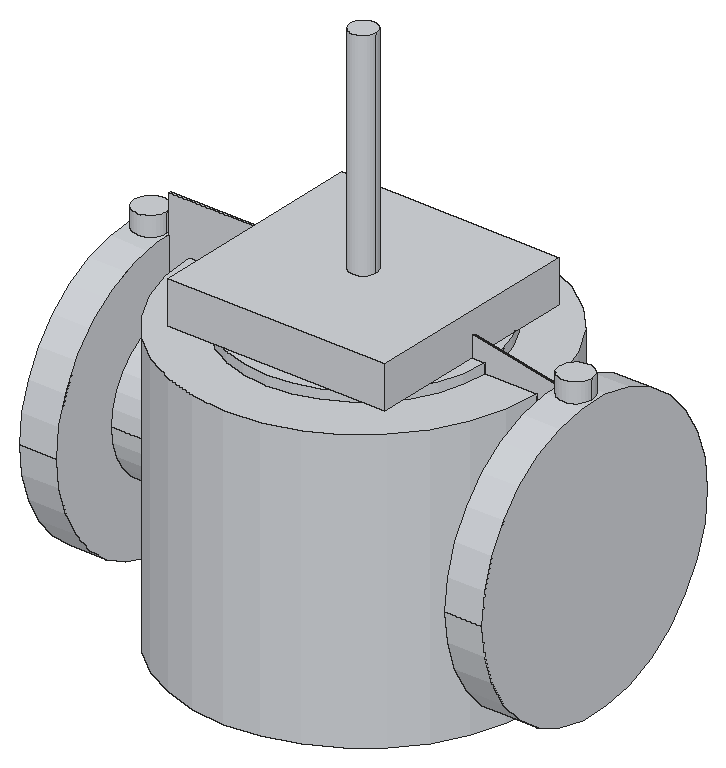
Revit family "OC-FLANGE_HF_DN250_PN16_RFA_2019", category Pipe Accessories, Revit 2019
Family settings
  Round Connector Dimension = Use Diameter
  Part Type = Valve - Breaks Into
  Work Plane-Based = No
  Always vertical = Yes
  Cut with Voids When Loaded = No
  Shared = No
Parameters (values of type "Optima Compact Flange PN16 DN250 HF")
  magiProductId = "04bfedd5843a4fb2a3a3e76bce0a04"
  magiProductFamilyId = "7f77c72f297a4b4b9e69a2c3ebd769"
  magiPartTypeId = 304
  isMeasuringValve [instance] = no
  ang2D [instance] = 0.00°
  W2D = 50 mm
  VersionID = "2.0/2018.12.13.2/FRESE_OPT_COMP_BIG_Q13_001"
  Use Minimum Symbol Size [instance] = no
  URL = "www.hydronic.cz"
  Type Comments = "Přírubový; PN16; 0~110°C, s měřením"
  R4 = 192.15 mm
  R3 = 115.44 mm
  R1 = 274.5 mm
  QmdConnectorList = "301;D;302;D"
  Productdata [instance] = ""
  Manufacturer = "Hydronic Systems Prague s.r.o."
  MC Use Limits From Balancing Method = no
  MC Throttling Minimum Value = 0
  MC Throttling Maximum Value = 0
  MC Product Code = "53-1217 (DN250 HF; 48mm; pohon min 2500N; Qmin-dpmin 245000l/h-15.0kPa; Qmax-dpmin 600000l/h-70.0kPa; dpmax 800kPa)"
  MC Pressure Drop Minimum Value = 0.0 Pa
  MC Pressure Drop Maximum Value = 0.0 Pa
  MC Piping Given Pressure Drop [instance] = 0.0 Pa
  LF__ve = -LF  # -58.4 mm
  LF2 = 29.2 mm
  LF = 58.4 mm
  L4 = 343.1 mm
  L3 = 613.2 mm
  L2D_Min = 30.48 mm
  L2D = 230 mm
  L2 = 365 mm
  H6 = 339.4 mm
  H4 = 66.6 mm
  H3 = 15 mm
  H2 = 244.2 mm
  H1 = 444 mm
  H = 1094 mm
  Description = "Tlakově nezávislý 2-cestný regulační vyvažovací ventil (PICV)"
  DF2 = 222 mm
  DD = yes
  D = 250 mm
  CAT0 = yes
  AL2 = 156 mm
  ACT3W = 167 mm
  ACT3L = 92.5 mm
  ACT2L = 230 mm
  ACT2H = 311 mm
  A3WP = 112 mm
Types (2, lengths in mm): name | magiProductId | R4 | R3 | R1 | MC Product Code | LF__ve | LF2 | LF | L4 | L3 | L2 | H6 | H4 | H2 | H1 | H | DF2 | D
  Optima Compact Flange PN16 DN250 HF | "04bfedd5843a4fb2a3a3e76bce0a04" | 192.15 | 115.44 | 274.5 | "53-1217 (DN250 HF; 48mm; pohon min 2500N; Qmin-dpmin 245000l/h-15.0kPa; Qmax-dpmin 600000l/h-70.0kPa; dpmax 800kPa)" | -58.4 | 29.2 | 58.4 | 343.1 | 613.2 | 365 | 339.4 | 66.6 | 244.2 | 444 | 1094 | 222 | 250
  Optima Compact Flange PN16 DN300 HF | "0fa3775e1d00444fb1aee59b74ee1a" | 251.65 | 135.2 | 359.5 | "53-1218 (DN300 HF; 48mm; pohon min 2500N; Qmin-dpmin 245000l/h-15.0kPa; Qmax-dpmin 600000l/h-70.0kPa; dpmax 800kPa)" | -68 | 34 | 68 | 399.5 | 714 | 425 | 290 | 78 | 286 | 520 | 1132 | 260 | 300
Reference planes
  plane 1 "Center (Front/Back)": y = 0
  plane 2 "XYPLANE": z = 0
  plane 3 "Center (Left/Right)": x = 0
  plane 4 "362": y = 45
  plane 5 "361": y = 55
  plane 6 "360": y = -102
  plane 7 "359": y = -112
  plane 8 "358": z = 852
  plane 9 "357": x = -87.5
  plane 10 "356": x = 87.5
  plane 11 "355": x = -92.5
  plane 12 "354": x = 92.5
  plane 13 "353": x = 35
  plane 14 "352": x = -35
  plane 15 "351": z = 627
  plane 16 "350": z = 812
  plane 17 "347": y = -25
  plane 18 "346": y = 25
  plane 19 "342": z = 280.4
  plane 20 "341": x = 306.6
  plane 21 "340": x = -306.6
  plane 22 "335": x = 106
  plane 23 "334": z = 759
  plane 24 "333": z = 684
  plane 25 "332": z = 689
  plane 26 "331": z = 729
  plane 27 "330": z = 561
  plane 28 "329": z = -222
  plane 29 "328": x = -45
  plane 30 "327": x = 45
  plane 31 "326": x = -49
  plane 32 "325": x = 49
  plane 33 "324": y = -20
  plane 34 "323": y = 20
  plane 35 "322": z = 869
  plane 36 "321": z = 872
  plane 37 "320": z = 581
  plane 38 "319": y = -61
  plane 39 "318": y = 73
  plane 40 "317": x = -74
  plane 41 "316": x = 156
  plane 42 "206": x = 335.8
  plane 43 "205": x = -335.8
  plane 44 "204": z = 222
  plane 45 "203": z = 281.4
  plane 46 "202": z = 214.8
  plane 47 "201": z = 199.8
  plane 48 "200": x = -306.6
  plane 49 "199": z = -244.2
  plane 50 "198": x = 0
  plane 51 "197": y = 0
  plane 52 "196": z = 0
  plane 53 "195": x = -365
  plane 54 "194": x = 365
  plane 55 "193": z = 620.8
  plane 56 "192": z = 784.8
Forms (mm)
  Extrusion 1, solid, visible <- "DD"
    sketch origin (750, 0, 0) x (-1, 0, 0) y (0, 0, 1)
      loop
        line (1056.6, 280.4) -> (750, 280.4) -> (443.4, 222) -> (443.4, -222) -> (1056.6, -222) -> (1056.6, 280.4)
    from 0 to 3
  Extrusion 2, solid, visible <- "CAT0"
    sketch origin (-750, 0, 222) x (1, 0, 0) y (0, 1, 0)
      loop
        circle (1085.8, 0) r 25.5
    from 0 to 30
  Extrusion 3, solid, visible <- "CAT0"
    sketch origin (-750, 0, 222) x (1, 0, 0) y (0, 1, 0)
      loop
        circle (414.2, 0) r 25.5
    from 0 to 30
  Extrusion 4, solid, visible <- "CAT0"
    sketch origin (-750, 0, 281.4) x (1, 0, 0) y (0, 1, 0)
      loop
        circle (750, 0) r 20
    from 0 to 339.4 <- "H6"
  Extrusion 5, solid, visible <- "CAT0"
    sketch origin (-750, 0, 214.8) x (1, 0, 0) y (0, 1, 0)
      loop
        line (921.55, 171.55) -> (578.45, 171.55) -> (578.45, -171.55) -> (921.55, -171.55) -> (921.55, 171.55)
    from 0 to 66.6 <- "H4"
  Extrusion 6, solid, visible <- "CAT0"
    sketch origin (-750, 0, 199.8) x (1, 0, 0) y (0, 1, 0)
      loop
        circle (750, 0) r 192.15
    from 0 to 15 <- "H3"
  Extrusion 7, solid, visible <- "CAT0"
    sketch origin (-306.6, -750, 0) x (0, 1, 0) y (0, 0, 1)
      loop
        circle (750, 0) r 115.44
    from 0 to 613.2 <- "L3"
  Extrusion 8, solid, visible <- "CAT0"
    sketch origin (-750, 0, -244.2) x (1, 0, 0) y (0, 1, 0)
      loop
        circle (750, 0) r 274.5
    from 0 to 444 <- "H1"
  Extrusion 9, solid, visible <- "CAT0"
    sketch origin (-365, -750, 0) x (0, 1, 0) y (0, 0, 1)
      loop
        circle (750, 0) r 222
    from 0 to 58.4 <- "LF"
  Extrusion 10, solid, visible <- "CAT0"
    sketch origin (365, -750, 0) x (0, 1, 0) y (0, 0, 1)
      loop
        circle (750, 0) r 222
    from 0 to -58.4 <- "LF__ve"
  Extrusion 11, solid, not visible
    sketch origin (-365, -750, 0) x (0, 1, 0) y (0, 0, 1)
      loop
        circle (750, 0) r 10
    from 0 to 10
  Extrusion 12, solid, not visible
    sketch origin (365, -750, 0) x (0, 1, 0) y (0, 0, 1)
      loop
        circle (750, 0) r 10
    from 0 to -10
Lines and regions (mm)
  reference lines, not visible
    curve 1: circle (2, 2, 0) r 1 normal (0, 0, 1)
  reference lines
    curve 2: line (-49, -20, 561) -> (49, -20, 561)
    curve 3: line (49, -20, 561) -> (49, 20, 561)
    curve 4: line (49, 20, 561) -> (-49, 20, 561)
    curve 5: line (-49, 20, 561) -> (-49, -20, 561)
    curve 6: circle (0, 0, 214.8) r 1 normal (0, 0, 1)
Dimensions and locks
  plane 1 "Center (Front/Back)" to curve 1 = 2 mm
  locked: plane 5 "361" to plane 4 "362" at 10
  "ACT3W": plane 7 "359" to plane 5 "361"
  locked: plane 7 "359" to plane 6 "360" at 10
  "A3WP": plane 51 "197" to plane 7 "359"
  locked: plane 36 "321" to plane 8 "358" at 20
  locked: plane 11 "355" to plane 9 "357" at 5
  locked: plane 12 "354" to plane 10 "356" at 5
  "ACT3L": plane 50 "198" to plane 11 "355"
  "ACT3L": plane 50 "198" to plane 12 "354"
  locked: plane 30 "327" to plane 13 "353" at 10
  locked: plane 29 "328" to plane 14 "352" at 10
  locked: plane 36 "321" to plane 15 "351" at 245
  locked: plane 36 "321" to plane 16 "350" at 60
  locked: plane 51 "197" to plane 17 "347" at 25
  locked: plane 51 "197" to plane 18 "346" at 25
  "LF": plane 44 "204" to plane 19 "342"
  "LF": plane 54 "194" to plane 20 "341"
  "LF": plane 53 "195" to plane 21 "340"
  locked: plane 41 "316" to plane 22 "335" at 50
  locked: plane 26 "331" to plane 23 "334" at 30
  locked: plane 35 "322" to plane 24 "333" at 185
  locked: plane 35 "322" to plane 25 "332" at 180
  locked: plane 35 "322" to plane 26 "331" at 140
  "ACT2H": plane 36 "321" to plane 27 "330"
  "DF2": plane 52 "196" to plane 28 "329"
  locked: plane 30 "327" to plane 29 "328" at 90
  locked: plane 50 "198" to plane 30 "327" at 45
  locked: plane 50 "198" to plane 31 "326" at 49
  locked: plane 50 "198" to plane 32 "325" at 49
  locked: plane 34 "323" to plane 33 "324" at 40
  locked: plane 51 "197" to plane 34 "323" at 20
  locked: plane 36 "321" to plane 35 "322" at 3
  "H": plane 28 "329" to plane 36 "321"
  locked: plane 27 "330" to plane 37 "320" at 20
  locked: plane 51 "197" to plane 38 "319" at 61
  locked: plane 51 "197" to plane 39 "318" at 73
  "ACT2L": plane 41 "316" to plane 40 "317"
  "AL2": plane 50 "198" to plane 41 "316"
  "LF2": plane 54 "194" to plane 42 "206"
  "LF2": plane 53 "195" to plane 43 "205"
  "DF2": plane 2 "XYPLANE" to plane 44 "204"
  "H4": plane 46 "202" to plane 45 "203"
  "H3": plane 47 "201" to plane 46 "202"
  "H1": plane 49 "199" to plane 47 "201"
  "LF": plane 53 "195" to plane 48 "200"
  "H2": plane 2 "XYPLANE" to plane 49 "199"
  locked: plane 3 "Center (Left/Right)" to plane 50 "198"
  locked: plane 1 "Center (Front/Back)" to plane 51 "197"
  locked: plane 2 "XYPLANE" to plane 52 "196"
  "L2": plane 3 "Center (Left/Right)" to plane 53 "195"
  "L2": plane 3 "Center (Left/Right)" to plane 54 "194"
  "H6": plane 45 "203" to plane 55 "193"
  locked: plane 55 "193" to plane 56 "192" at 164
  Extrusion 1 sketch curve to Extrusion 1 sketch curve = 0 mm  (x10)
  equal spacing: Extrusion 5 sketch curve, curve 6, Extrusion 5 sketch curve  (x2)
  "L4": Extrusion 5 sketch curve to Extrusion 5 sketch curve  (x2)
  Extrusion 5 sketch curve to Extrusion 5 sketch curve = 0 mm  (x8)
  "R4": radius of Extrusion 6 sketch curve
  "R3": radius of Extrusion 7 sketch curve
  "R1": radius of Extrusion 8 sketch curve
  "DF2": radius of Extrusion 9 sketch curve
  "DF2": radius of Extrusion 10 sketch curve
  aligned and locked: level to plane 2 "XYPLANE"
  aligned and locked: plane 21 "340" to Extrusion 1 sketch curve  (x2)
  aligned and locked: plane 19 "342" to Extrusion 1 sketch curve
  aligned and locked: plane 28 "329" to Extrusion 1 sketch curve  (x2)
  aligned and locked: plane 20 "341" to Extrusion 1 sketch curve  (x2)
  aligned and locked: plane 44 "204" to Extrusion 1 sketch curve
  aligned and locked: plane 50 "198" to Extrusion 1 sketch curve
  aligned and locked: Extrusion 1 sketch curve to plane 19 "342"
  aligned and locked: curve 2 to plane 33 "324"
  aligned and locked: plane 31 "326" to curve 2
  aligned and locked: plane 32 "325" to curve 2
  aligned and locked: plane 33 "324" to curve 3
  aligned and locked: plane 34 "323" to curve 3
  aligned and locked: plane 32 "325" to curve 4
  aligned and locked: plane 31 "326" to curve 4
  aligned and locked: plane 34 "323" to curve 5
  aligned and locked: plane 42 "206" to Extrusion 2 sketch curve
  aligned and locked: plane 51 "197" to Extrusion 2 sketch curve
  aligned and locked: plane 43 "205" to Extrusion 3 sketch curve
  aligned and locked: plane 51 "197" to Extrusion 3 sketch curve
  aligned and locked: plane 50 "198" to Extrusion 4 sketch curve
  aligned and locked: plane 51 "197" to Extrusion 4 sketch curve
  aligned and locked: plane 50 "198" to curve 6
  aligned and locked: plane 51 "197" to curve 6
  aligned and locked: plane 50 "198" to Extrusion 6 sketch curve
  aligned and locked: plane 51 "197" to Extrusion 6 sketch curve
  aligned and locked: Extrusion 7 sketch curve to plane 51 "197"
  aligned and locked: plane 52 "196" to Extrusion 7 sketch curve
  aligned and locked: plane 50 "198" to Extrusion 8 sketch curve
  aligned and locked: plane 51 "197" to Extrusion 8 sketch curve
  aligned and locked: Extrusion 9 sketch curve to plane 51 "197"
  aligned and locked: plane 52 "196" to Extrusion 9 sketch curve
  aligned and locked: Extrusion 10 sketch curve to plane 51 "197"
  aligned and locked: plane 52 "196" to Extrusion 10 sketch curve
  aligned and locked: Extrusion 11 sketch curve to plane 51 "197"
  aligned and locked: plane 52 "196" to Extrusion 11 sketch curve
  aligned and locked: Extrusion 12 sketch curve to plane 51 "197"
  aligned and locked: plane 52 "196" to Extrusion 12 sketch curve
Automatic sketch dimensions
  plane 20 "341" to Extrusion 2 sketch curve = 3.7 mm
  plane 53 "195" to Extrusion 3 sketch curve = 3.7 mm
  plane 14 "352" to Extrusion 4 sketch curve = 15 mm
  plane 1 "Center (Front/Back)" to Extrusion 11 sketch curve = 10 mm
  plane 1 "Center (Front/Back)" to Extrusion 12 sketch curve = 10 mm
  plane 3 "Center (Left/Right)" to curve 1 = 2 mm
  Extrusion 5 sketch curve to plane 11 "355" = 79.05 mm
  Extrusion 5 sketch curve to plane 7 "359" = 59.55 mm
  radius of curve 6 = 1 mm
  radius of curve 1 = 1 mm
Connectors
  piping at (-365, 0, 0), diameter 250, driven by "D"
    settings: on Extrusion 11, index 1, connector inside diameter 609.6 mm, connector length 0 mm, flow factor 0, pipe flow 0.0 L/s, pressure drop 0.0 Pa, fitting loss kfactor 0, connector angle 0.00°, fixture units 0, engagement length 0 mm, angle of deflection 0.00°, flow configuration 0, flow direction 0, fitting loss method 0, system type 29, joint type 0, gender type 0, connector reference index 2, connector utility 0, adjustable connector no, is connector primary yes, connector description ""
  piping at (365, 0, 0), diameter 250, driven by "D"
    settings: on Extrusion 12, index 2, connector inside diameter 609.6 mm, connector length 0 mm, flow factor 0, pipe flow 0.0 L/s, pressure drop 0.0 Pa, fitting loss kfactor 0, connector angle 0.00°, fixture units 0, engagement length 0 mm, angle of deflection 0.00°, flow configuration 0, flow direction 0, fitting loss method 0, system type 29, joint type 0, gender type 0, connector reference index 1, connector utility 0, adjustable connector no, is connector primary no, connector description ""
